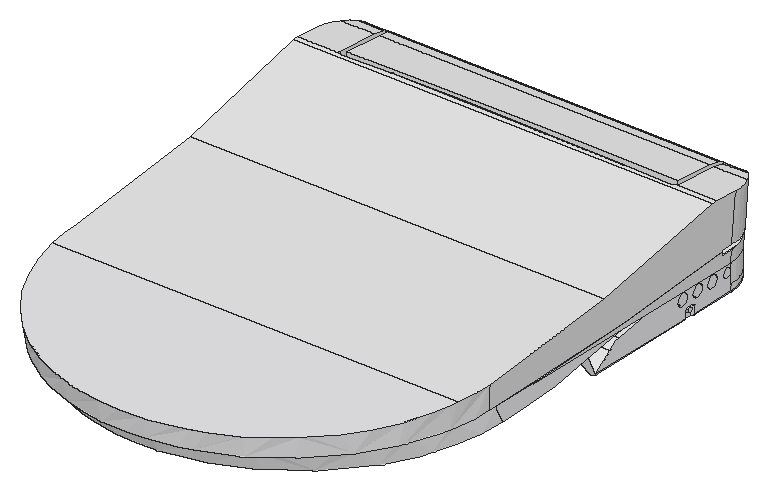
Revit family "Toilet_Seat-Elongated_Closed_Front-Cleansing-KOHLER-Purewash-K-28820MY", category Plumbing Fixtures, host Face, Revit 2021 (continued)
Definition of nested family "K-28820MY"
  Lines and regions (in)
    symbolic lines, detail levels medium+fine
      curve 185: arc (0, -13.52205, 1.93142) -> (0, -9.57684, 2.11689) -> (0, -5.63442, 2.35433) r 299.69268
      curve 186: arc (0, -5.63442, 2.35433) -> (0, -3.96644, 2.44313) -> (0, -2.29667, 2.48668) r 61.60574
      curve 187: arc (0, -2.29667, 2.48668) -> (0, -1.51569, 2.41541) -> (0, -0.73733, 2.51115) r 3.68202
      curve 188: arc (0, -6.96153, 1.62123) -> (0, -5.31908, 2.02172) -> (0, -3.68462, 2.45366) r 88.10831
      curve 189: arc (0, -6.85664, 1.76042) -> (0, -5.37976, 2.06015) -> (0, -3.92271, 2.44485) r 26.0288
      curve 190: arc (0, -5.09167, 2.3882) -> (0, -6.44282, 2.11565) -> (0, -7.80571, 1.90965) r 28.11493
      curve 191: arc (0, -7.80571, 1.90965) -> (0, -11.43775, 1.56762) -> (0, -15.08414, 1.45572) r 57.7178
      curve 192: arc (0, -15.08414, 1.45572) -> (0, -17.08657, 1.44026) -> (0, -19.08845, 1.39014) r 115.70256
      curve 193: line (0, -15.73157, 1.22238) -> (0, -17.49027, 1.21135)
      curve 194: line (0, -15.87791, 1.1253) -> (0, -17.33245, 1.10601)
      curve 195: line (0, -10.74329, 1.2966) -> (0, -12.97962, 1.29426)
      curve 196: line (-7.4128, -3.65709, 0) -> (-7.45639, -6.15425, 0)
      curve 197: line (0, -5.29395, 0.84881) -> (0, -4.96736, 0.84881)
      curve 198: line (0, -4.94137, 0.8748) -> (0, -4.94137, 0.91732)
      curve 199: line (0, -5.32277, 0.87763) -> (0, -5.32277, 0.91732)
      curve 200: arc (0, -4.96736, 0.84881) -> (0, -4.94898, 0.85642) -> (0, -4.94137, 0.8748) r 0.02599
      curve 201: arc (0, -5.29395, 0.84881) -> (0, -5.31433, 0.85725) -> (0, -5.32277, 0.87763) r 0.02882
      curve 202: arc (6.62148, 0, 1.83956) -> (6.33623, 0, 1.77928) -> (6.04824, 0, 1.7338) r 5.64484
      curve 203: line (-1.02586, 0, 0.91732) -> (-1.02586, 0, 1.02814)
      curve 204: line (1.02586, 0, 0.91732) -> (1.02586, 0, 1.02814)
      curve 205: line (-7.47268, 0, 3.77612) -> (-7.47268, 0, 3.99081)
      curve 206: arc (-7.31333, 0, 1.97927) -> (-7.29087, 0, 1.89978) -> (-7.26172, 0, 1.82249) r 0.96754
      curve 207: arc (-7.23601, 0, 1.6956) -> (-7.28764, 0, 1.77429) -> (-7.31333, 0, 1.86482) r 0.31058
      curve 208: arc (-7.31333, 0, 2.04835) -> (-6.69764, 0, 1.81807) -> (-6.0457, 0, 1.73392) r 2.86996
      curve 209: arc (7.31333, 0, 1.88549) -> (7.2553, 0, 1.79061) -> (7.18154, 0, 1.70736) r 0.63206
      curve 210: arc (7.21401, 0, 1.67304) -> (7.27102, 0, 1.73929) -> (7.31333, 0, 1.81577) r 0.42666
      curve 211: arc (7.31333, 0, 2.0486) -> (6.9705, 0, 1.93382) -> (6.62148, 0, 1.83956) r 6.09695
      curve 212: arc (0, -12.87318, 2.0243) -> (0, -16.18207, 1.90966) -> (0, -19.49294, 1.90578) r 98.95125
      curve 213: arc (0, -19.44557, 1.83724) -> (0, -16.48324, 1.84806) -> (0, -13.52205, 1.93142) r 120.97272
      curve 214: line (0, -19.88843, 1.95124) -> (0, -19.47928, 1.95124)
      curve 215: arc (0, -19.47928, 1.95124) -> (0, -16.17641, 1.95543) -> (0, -12.87552, 2.06991) r 98.90558
      curve 216: line (0, -12.87552, 2.06991) -> (0, -4.65171, 2.49268)
      curve 217: line (0, -4.65171, 2.49268) -> (0, -2.38549, 2.57182)
      curve 218: line (0, -2.38549, 2.57182) -> (0, -0.9129, 2.72659)
      curve 219: line (0, -0.9129, 2.72659) -> (0, -0.40461, 2.8754)
      curve 220: line (0, -0.40461, 2.8754) -> (0, -0.047, 3.11661)
      curve 221: line (0, -20.24409, 2.69024) -> (0, -19.00268, 2.69024)
      curve 222: arc (0, -0.81043, 4.28008) -> (0, -1.58244, 4.3501) -> (0, -2.35581, 4.40307) r 35.15072
      curve 223: arc (0, -0.42427, 4.21487) -> (0, -0.61628, 4.25383) -> (0, -0.81043, 4.28008) r 2.97695
      curve 224: arc (0, -0.18283, 3.9304) -> (0, -0.25689, 4.11223) -> (0, -0.42427, 4.21487) r 0.31496
      curve 225: arc (0, -2.35581, 4.40307) -> (0, -2.40656, 4.40514) -> (0, -2.45736, 4.40552) r 1.52376
      curve 226: arc (0, -2.45736, 4.40552) -> (0, -2.50573, 4.40384) -> (0, -2.55396, 4.39973) r 0.95789
      curve 227: arc (0, -2.55396, 4.39973) -> (0, -4.94191, 3.82399) -> (0, -7.35997, 3.39183) r 41.13016
      curve 228: arc (0, -7.35997, 3.39183) -> (0, -11.25868, 2.94375) -> (0, -15.17829, 2.7503) r 60.27745
      curve 229: arc (0, -19.00268, 2.69024) -> (0, -17.09025, 2.70526) -> (0, -15.17829, 2.7503) r 121.79732
      curve 230: line (0, -0.07874, 2.44178) -> (0, -0.18283, 3.9304)
      curve 231: line (0, -0.07874, 1.38413) -> (0, -0.07874, 2.44178)
      curve 232: line (7.4128, -3.65709, 0) -> (7.45639, -6.15425, 0)
      curve 233: line (-7.45639, -6.15425, 0) -> (-7.45639, -12.69269, 0)
      curve 234: line (7.45639, -6.15425, 0) -> (7.45639, -12.69269, 0)
      curve 235: arc (-7.45639, -12.69269, 0) -> (0, -20.14908, 0) -> (7.45639, -12.69269, 0) r 7.45639
      curve 236: arc (-7.53128, -6.46885, 0) -> (-7.48422, -5.06284, 0) -> (-7.45217, -3.6564, 0) r 131.8491
      curve 237: arc (7.53171, -6.17971, 0) -> (7.48307, -4.91834, 0) -> (7.45217, -3.6564, 0) r 89.78835
      curve 238: line (-5.99606, -1.87246, 0) -> (-5.99606, -0.0018, 0)
      curve 239: line (5.99606, -1.87246, 0) -> (5.99606, -0.0018, 0)
  Dimensions and locks (in)
    locked: plane 17 to plane 16 at 7.88189
    plane 15 to plane 14 = 11.02362"
    locked: plane 18 to level at 4.48425
    locked: plane 18 to plane 19 at 3.56693
    plane 20 to plane 19 = 1.94094"
    locked: plane 21 to plane 19 at 1.43701
    plane 10 to plane 9 = 15.06299"
    plane 36 to plane 1 "Center (Front/Back)" = 20.24409"
    plane 9 to plane 10 = 15.06299"
    aligned and locked: plane 2 to level
    aligned and locked: plane 26 to Masking region 1
    aligned and locked: plane 29 to Masking region 2
    aligned and locked: Masking region 1 sketch curve to plane 36
    aligned and locked: plane 10 to Masking region 3 sketch curve
    aligned and locked: plane 9 to Masking region 3 sketch curve
    aligned and locked: Masking region 1 sketch curve to plane 9
    aligned and locked: Masking region 3 sketch curve to level
    aligned and locked: plane 18 to Masking region 2 sketch curve
    aligned and locked: Masking region 3 sketch curve to plane 18
